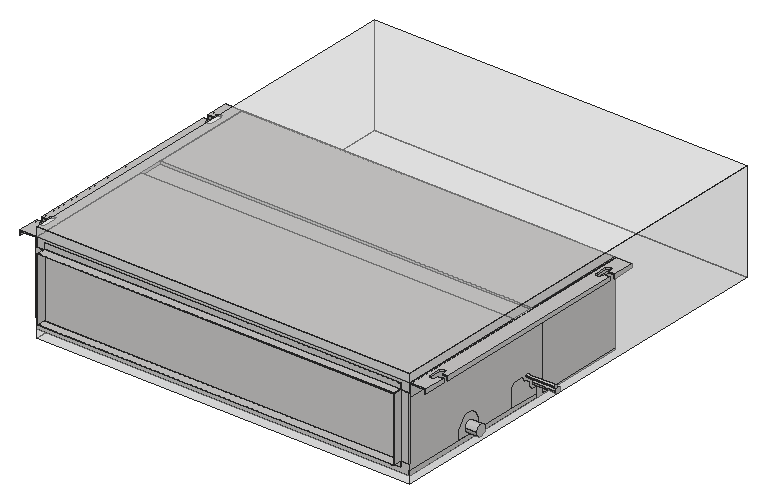
Revit family "outputfile", category 機械設備, Revit 2024
Family settings
  丸型コネクタ寸法 = 半径を使用
  パーツ タイプ = 標準
  OmniClass 番号 = 23.75.10.24.21.27.27
  OmniClass タイトル = Split System Air Conditioning Units
  作業面ベース = いいえ
  常に垂直 = はい
  ロード時にボイドで切り取り = いいえ
  注釈の向きを維持 = いいえ
  共有 = いいえ
  部屋計算ポイント = はい
Parameters (values of type "FDLF18EV2S")
  書き出し IFC クラス(タイプ) = "IfcUnitaryEquipmentType"
  定義済み IFC タイプ(タイプ) = "AIRCONDITIONINGUNIT"
  switch_frequency = yes
  ld_powersupply = Depth / 2  # 310 mm
  connector_voltage = Voltage_50Hz  # 220 V
  connector_powerinput = [Power Input (Cooling)]  # 1.680 kW
  connector_phase = Phase_50Hz  # 1
  angle_liquidpipe [instance] = if(Right Connection_refrigerant, 90.00°, 270.00°)  # 90.00°
  angle_gaspipe [instance] = if(Right Connection_refrigerant, 90.00°, 270.00°)  # 90.00°
  angle_drainpipe [instance] = if(Right Connection_refrigerant, 90.00°, 270.00°)  # 90.00°
  Right Connection_refrigerant [instance] = yes
  製造元 = "Daikin"
  モデル = "FDLF18EV2S"
  r_Liquid Pipe Size = Liquid Pipe Size / 2  # 3.2 mm
  r_Gas Pipe Size = Gas Pipe Size / 2  # 6.35 mm
  r_Drain Pipe Size = Drain Pipe Size / 2  # 12.5 mm
  lw_powersupply = 50 mm  # constant formula
  lw_ductflange2 = 803 mm
  lw_Width = 860 mm
  lh_suctionflange [instance] = 100 mm  # constant formula
  ld_suctionflange [instance] = if(Rear Connection_Return Air, 190.25 mm, 100.25 mm)  # 190.25 mm
  angle_vertical_RA [instance] = if(Rear Connection_Return Air, 90.00°, 0.00°)  # 90.00°
  angle horizontal_RA [instance] = if(Rear Connection_Return Air, 180.00°, 270.00°)  # 180.00°
  Voltage_comment_50Hz = "220 - 240"
  Voltage_50Hz = 220 V
  Supply Air Direction [instance] = yes
  Rear Connection_Return Air [instance] = not(Bottom Connection_Return Air)  # yes
  RA_length [instance] = if(Rear Connection_Return Air, 190.25 mm, 100 mm)  # 190.25 mm
  Phase_50Hz = 1
  Minimum External Static Pressure = 15.00 Pa
  Maximum External Static Pressure = 38.00 Pa
  Material_Casing = DAIKIN_GalvanizedSteel_Casing_indoorunit
  lw_liquidpipe = 521 mm
  lw_gaspipe = 508 mm
  lw_mountinghole = 940 mm
  lw_drainpipe = 480 mm
  lh_powersupply = 150 mm  # constant formula
  lh_liquidpipe = 138 mm  # constant formula
  lh_gaspipe = 160 mm  # constant formula
  lh_mountinghole = Height  # 200 mm
  lh_drainpipe = 170 mm  # constant formula
  lh_antena = 1 mm  # constant formula
  ld_liquidpipe = 353 mm  # constant formula
  ld_gaspipe = 375 mm  # constant formula
  ld_mountinghole = 500 mm  # constant formula
  ld_drainpipe = 178 mm  # constant formula
  ld_controlbox = 626 mm  # constant formula
  h*** = 0 mm  # constant formula
  d_dischargeflange = 21.2 mm  # constant formula
  Width = 900 mm
  Version = "ver.1.0"
  Unit Type = "Duct"
  Unit Mass Weight = 28.00 kg
  Unit Designation [instance] = ""
  Uniclass2015Version = "Products v1.30"
  Uniclass2015Title = "Split coil room air conditioning units"
  Uniclass2015Code = "Pr_70_65_03_86"
  Total Cooling Capacity [instance] = 0.000 kW
  Sound Pressure Level_M speed (dBA) = 33
  Sound Pressure Level_L speed (dBA) = 30
  Sound Pressure Level_H speed (dBA) = 37
  Series = "SkyAir_Fan Coil Unit"
  Sensible Cooling Capacity [instance] = 0.000 kW
  SA Duct Size Width = 860 mm
  SA Duct Size Height = 153 mm
  Refrigerant Type = "R32"
  RA Duct Size Width = 761 mm
  RA Duct Size Height = 160 mm
  Power Input (Cooling) = 1.680 kW
  Option Accessory 3 [instance] = ""
  Option Accessory 2 [instance] = ""
  Option Accessory 1 [instance] = ""
  Nominal Cooling Capacity = 5.300 kW
  Minimum Airflow = 720.00 m³/h
  Median Airflow = 840.00 m³/h
  Maximum Airflow = 960.00 m³/h
  Load Classification = HVAC
  Liquid Pipe Size = 6.4 mm
  Link_Nested Family [instance] = ""
  Left Connection_refrigerant [instance] = not(Right Connection_refrigerant)  # no
  IfcVersion = ""
  IfcExportType = "AIRCONDITIONINGUNIT"
  IfcExportAs = "IfcUnitaryEquipmentType"
  Height = 200 mm
  Heat Exchanger Type = "Cross Fin Coil"
  Gas Pipe Size = 12.7 mm
  Frequency_50Hz = 50 Hz
  Fan Type = "Sirocco Fan"
  Fan Drive = "Direct Drive"
  FCU Tag No. [instance] = ""
  Drain Pipe Size = 25.0 mm
  Design Supply Airflow [instance] = 0.00 m³/h
  Design Return Airflow [instance] = 0.00 m³/h
  Design External Static Pressure [instance] = 0.00 Pa
  Depth = 620 mm
  既定の高さ = 0 mm
  Cooling Entering Wet Bulb Temperature [instance] = 0.00 °C
  Cooling Entering Dry Bulb Temperature [instance] = 0.00 °C
  Cooling Ambient Wet Bulb Temperature [instance] = 0.00 °C
  Cooling Ambient Dry Bulb Temperature [instance] = 0.00 °C
  Clearance visibility [instance] = yes
  Clearance Top = 20 mm
  Clearance Right = 0 mm
  Clearance Rear = 400 mm
  Clearance Left = 0 mm
  Clearance Front = 0 mm
  Clearance Bottom = 20 mm
  Bottom Connection_Return Air [instance] = no
Reference planes
  plane 1 "Center (Front/Back)": y = 0
  plane 2: z = 0
  plane 3 "Center (Left/Right)": x = 0
  plane 4 "Back": y = 310
  plane 5 "Front": y = -310
  plane 6 "Left": x = -450
  plane 7 "Right": x = 450
  plane 8 "Top": z = 0
  plane 9 "Bottom": z = -200
  plane 10: x = -470
  plane 11: x = 470
  plane 12: y = 250
  plane 13: z = 0
  plane 14 "Clearance Left": x = -450
  plane 15 "Clearance Right": x = 450
  plane 16 "Clearance Rear": y = 710
  plane 17 "Clearance Front": y = -310
  plane 18 "Clearance Top": z = 20
  plane 19 "Clearance Bottom": z = -220
  plane 20: y = -250
  plane 21: z = -21
  plane 22: z = -97.5
  plane 23: x = -48.5
  plane 24: y = 119.75
  plane 25: z = -100
  plane 26: y = 65
  plane 27: z = -160
  plane 28: y = 43
  plane 29: z = -138
  plane 30: y = -132
  plane 31: z = -170
  plane 32: x = 508
  plane 33: x = 521
  plane 34: x = 480
  plane 35: x = 400
  plane 36: z = -150
  plane 37: x = -480
  plane 38: x = -521
  plane 39: x = -508
Forms (mm)
  Extrusion 1, solid, material "DAIKIN_GalvanizedSteel_Casing_indoorunit" <- "Material_Casing"
    sketch origin (0, 0, 0) x (1, 0, 0) y (0, 1, 0)
      loop
        line (-450, -310) -> (450, -310) -> (450, 310) -> (-450, 310) -> (-450, -310)
    from -200 to 0
  Extrusion 2, void
    sketch origin (0, 0, 1) x (1, 0, 0) y (0, 1, 0)
      loop
        line (-450, 61.5) -> (-450, 3.5) -> (450, 3.5) -> (450, 61.5) -> (-450, 61.5)
    from -1 to -7
  Extrusion 3, solid, material "DAIKIN_GalvanizedSteel_Casing_indoorunit" <- "Material_Casing", visible <- "Bottom Connection_Return Air"
    sketch origin (0, 0, 0) x (1, 0, 0) y (0, 0, 1)
      loop
        line (352, -199.25) -> (352, -0.75) -> (-449, -0.75) -> (-449, -199.25) -> (352, -199.25)
    from -310 to -309
  Extrusion 4, solid, material "DAIKIN_GalvanizedSteel_Casing_indoorunit" <- "Material_Casing", visible <- "Rear Connection_Return Air"
    sketch origin (0, 0, 0) x (1, 0, 0) y (0, 1, 0)
      loop
        line (-449, 309) -> (-449, 110.5) -> (352, 110.5) -> (352, 309) -> (-449, 309)
    from -200 to -199
  Extrusion 5, solid, material "DAIKIN_GalvanizedSteel_Casing_indoorunit" <- "Material_Casing", visible <- "Right Connection_refrigerant"
    sketch origin (450, 0, 0) x (0, 1, 0) y (0, 0, 1)
      loop
        circle (65, -160) r 6.35
    from 0 to 58
  Extrusion 6, solid, material "DAIKIN_GalvanizedSteel_Casing_indoorunit" <- "Material_Casing", visible <- "Right Connection_refrigerant"
    sketch origin (450, 0, 0) x (0, 1, 0) y (0, 0, 1)
      loop
        circle (43, -138) r 3.2
    from 0 to 71
  Extrusion 7, solid, material "DAIKIN_GalvanizedSteel_Casing_indoorunit" <- "Material_Casing", visible <- "Right Connection_refrigerant"
    sketch origin (450, 0, 0) x (0, 1, 0) y (0, 0, 1)
      loop
        line (-310, -200) -> (70, -200) -> (70, -190) -> (-310, -190) -> (-310, -200)
    from 0 to -1
  Extrusion 8, solid, material "DAIKIN_GalvanizedSteel_Casing_indoorunit" <- "Material_Casing", visible <- "Right Connection_refrigerant"
    sketch origin (450, 0, 0) x (0, 1, 0) y (0, 0, 1)
      loop
        arc (96, -27.5) -> (93.879, -28.379) -> (93, -30.5) r 3
        line (93, -30.5) -> (93, -194.5)
        arc (93, -194.5) -> (93.879, -196.621) -> (96, -197.5) r 3
        line (96, -197.5) -> (310, -197.5) -> (310, -27.5) -> (96, -27.5)
    from 0 to -1
  Extrusion 9, solid, material "DAIKIN_GalvanizedSteel_Casing_indoorunit" <- "Material_Casing", visible <- "Right Connection_refrigerant"
    sketch origin (450, 0, 0) x (0, 1, 0) y (0, 0, 1)
      loop
        arc (-104, -170) -> (-132, -142) -> (-160, -170) r 28
        line (-160, -170) -> (-160, -190) -> (-104, -190) -> (-104, -170)
    from 0 to -1
  Extrusion 10, solid, material "DAIKIN_GalvanizedSteel_Casing_indoorunit" <- "Material_Casing", visible <- "Right Connection_refrigerant"
    sketch origin (450, 0, 0) x (0, 1, 0) y (0, 0, 1)
      loop
        line (70, -190) -> (70, -174.671)
        arc (70, -174.671) -> (54.678, -171.563) -> (49.857, -156.691) r 15.5
        line (49.857, -156.691) -> (43.472, -150.991)
        arc (43.472, -150.991) -> (34.343, -147.698) -> (30.039, -139) r 13
        line (30.039, -139) -> (2, -139)
        arc (2, -139) -> (-0.121, -139.879) -> (-1, -142) r 3
        line (-1, -142) -> (-1, -190) -> (70, -190)
    from 0 to -1
  Extrusion 11, solid, material "DAIKIN_GalvanizedSteel_Casing_indoorunit" <- "Material_Casing", visible <- "Left Connection_refrigerant"
    sketch origin (-450, 0, 0) x (0, 1, 0) y (0, 0, 1)
      loop
        line (-310, -200) -> (70, -200) -> (70, -190) -> (-310, -190) -> (-310, -200)
    from 0 to -1
  Extrusion 12, solid, material "DAIKIN_GalvanizedSteel_Casing_indoorunit" <- "Material_Casing", visible <- "Left Connection_refrigerant"
    sketch origin (-450, 0, 0) x (0, 1, 0) y (0, 0, 1)
      loop
        arc (96, -27.5) -> (93.879, -28.379) -> (93, -30.5) r 3
        line (93, -30.5) -> (93, -194.5)
        arc (93, -194.5) -> (93.879, -196.621) -> (96, -197.5) r 3
        line (96, -197.5) -> (310, -197.5) -> (310, -27.5) -> (96, -27.5)
    from 0 to -1
  Extrusion 13, solid, material "DAIKIN_GalvanizedSteel_Casing_indoorunit" <- "Material_Casing", visible <- "Left Connection_refrigerant"
    sketch origin (-450, 0, 0) x (0, 1, 0) y (0, 0, 1)
      loop
        arc (-104, -170) -> (-132, -142) -> (-160, -170) r 28
        line (-160, -170) -> (-160, -190) -> (-104, -190) -> (-104, -170)
    from 0 to -1
  Extrusion 14, solid, material "DAIKIN_GalvanizedSteel_Casing_indoorunit" <- "Material_Casing", visible <- "Left Connection_refrigerant"
    sketch origin (-450, 0, 0) x (0, 1, 0) y (0, 0, 1)
      loop
        line (70, -190) -> (70, -174.671)
        arc (70, -174.671) -> (54.678, -171.563) -> (49.857, -156.691) r 15.5
        line (49.857, -156.691) -> (43.472, -150.991)
        arc (43.472, -150.991) -> (34.343, -147.698) -> (30.039, -139) r 13
        line (30.039, -139) -> (2, -139)
        arc (2, -139) -> (-0.121, -139.879) -> (-1, -142) r 3
        line (-1, -142) -> (-1, -190) -> (70, -190)
    from 0 to -1
  Extrusion 15, solid, material "DAIKIN_GalvanizedSteel_Casing_indoorunit" <- "Material_Casing", visible <- "Left Connection_refrigerant"
    sketch origin (-450, 0, 0) x (0, 1, 0) y (0, 0, 1)
      loop
        circle (43, -138) r 3.2
    from -71 to 0
  Extrusion 16, solid, material "DAIKIN_GalvanizedSteel_Casing_indoorunit" <- "Material_Casing", visible <- "Left Connection_refrigerant"
    sketch origin (-450, 0, 0) x (0, 1, 0) y (0, 0, 1)
      loop
        circle (65, -160) r 6.35
    from -58 to 0
  Extrusion 17, solid, material "DAIKIN_GalvanizedSteel_Casing_indoorunit" <- "Material_Casing", visible <- "Left Connection_refrigerant"
    sketch origin (-450, 0, 0) x (0, 1, 0) y (0, 0, 1)
      loop
        circle (-132, -170) r 12.5
    from -30 to 0
  Extrusion 18, solid, material "DAIKIN_GalvanizedSteel_Casing_indoorunit" <- "Material_Casing", visible <- "Right Connection_refrigerant"
    sketch origin (450, 0, 0) x (0, 1, 0) y (0, 0, 1)
      loop
        circle (-132, -170) r 12.5
    from 0 to 30
Cuts and joins
  Extrusion 2 cuts Extrusion 1
Dimensions and locks
  "Height": plane 8 "Top" to plane 9 "Bottom"
  equal spacing: plane 10, plane 3 "Center (Left/Right)", plane 11
  "lw_mountinghole": plane 10 to plane 11
  equal spacing: plane 6 "Left", plane 3 "Center (Left/Right)", plane 7 "Right"
  "Width": plane 6 "Left" to plane 7 "Right"
  "Clearance Right": plane 7 "Right" to plane 15 "Clearance Right"
  "Clearance Left": plane 14 "Clearance Left" to plane 6 "Left"
  "Clearance Rear": plane 16 "Clearance Rear" to plane 4 "Back"
  "Clearance Front": plane 5 "Front" to plane 17 "Clearance Front"
  "Clearance Top": plane 18 "Clearance Top" to plane 8 "Top"
  "Clearance Bottom": plane 9 "Bottom" to plane 19 "Clearance Bottom"
  "Depth": plane 4 "Back" to plane 5 "Front"
  equal spacing: plane 4 "Back", plane 1 "Center (Front/Back)", plane 5 "Front"
  Extrusion 3 sketch curve to Extrusion 3 sketch curve = 198.5 mm
  locked: plane 20 to plane 5 "Front" at 60
  "ld_mountinghole": plane 12 to plane 20
  locked: plane 8 "Top" to plane 21 at 21
  locked: plane 23 to plane 3 "Center (Left/Right)" at 48.5
  "ld_suctionflange": plane 4 "Back" to plane 24
  "lh_suctionflange": plane 8 "Top" to plane 25
  "ld_gaspipe": plane 26 to plane 5 "Front"
  "lh_gaspipe": plane 8 "Top" to plane 27
  "ld_liquidpipe": plane 28 to plane 5 "Front"
  "lh_liquidpipe": plane 8 "Top" to plane 29
  "ld_drainpipe": plane 30 to plane 5 "Front"
  "lh_drainpipe": plane 8 "Top" to plane 31
  "lw_powersupply": plane 35 to plane 7 "Right"
  "lh_powersupply": plane 8 "Top" to plane 36
  "lw_gaspipe": plane 3 "Center (Left/Right)" to plane 32
  "lw_liquidpipe": plane 3 "Center (Left/Right)" to plane 33
  "lw_drainpipe": plane 3 "Center (Left/Right)" to plane 34
  "lw_liquidpipe": plane 38 to plane 3 "Center (Left/Right)"
  "lw_gaspipe": plane 39 to plane 3 "Center (Left/Right)"
  "lw_drainpipe": plane 37 to plane 3 "Center (Left/Right)"
  "r_Gas Pipe Size": radius of Extrusion 5 sketch curve
  "r_Liquid Pipe Size": radius of Extrusion 6 sketch curve
  "r_Liquid Pipe Size": radius of Extrusion 15 sketch curve
  "r_Gas Pipe Size": radius of Extrusion 16 sketch curve
  "r_Drain Pipe Size": radius of Extrusion 17 sketch curve
  "r_Drain Pipe Size": radius of Extrusion 18 sketch curve
  aligned and locked: level to plane 2
  aligned and locked: Extrusion 1 to plane 9 "Bottom"
  aligned and locked: plane 8 "Top" to Extrusion 1
  aligned and locked: plane 11 to nested 2
  aligned and locked: plane 10 to nested 3
  aligned and locked: plane 10 to nested 4
  aligned and locked: plane 8 "Top" to Extrusion 2
  aligned and locked: plane 9 "Bottom" to Extrusion 4  (x2)
  aligned and locked: plane 7 "Right" to cut or joined group of Extrusion 1, Extrusion 2  (x2)
  aligned and locked: plane 3 "Center (Left/Right)" to nested 9
  aligned and locked: plane 6 "Left" to nested 7
  aligned and locked: plane 8 "Top" to nested 9
  aligned and locked: plane 11 to nested 1
  aligned and locked: nested 6 to plane 1 "Center (Front/Back)"
  aligned and locked: plane 3 "Center (Left/Right)" to nested 6
  aligned and locked: level to plane 8 "Top"
  aligned and locked: plane 1 "Center (Front/Back)" to nested 9
  aligned and locked: plane 5 "Front" to nested 10
  aligned and locked: Extrusion 1 sketch curve to plane 5 "Front"
  aligned and locked: plane 21 to nested 10
  aligned and locked: nested 5 to plane 5 "Front"
  aligned and locked: plane 3 "Center (Left/Right)" to nested 5
  aligned and locked: plane 22 to nested 5
  aligned and locked: Extrusion 2 sketch curve to plane 6 "Left"
  aligned and locked: plane 7 "Right" to Extrusion 2 sketch curve
  aligned and locked: nested 11 to plane 23
  aligned and locked: nested 11 to plane 24
  aligned and locked: plane 27 to Extrusion 5 sketch curve
  aligned and locked: plane 26 to Extrusion 5 sketch curve
  aligned and locked: plane 28 to Extrusion 6 sketch curve
  aligned and locked: plane 29 to Extrusion 6 sketch curve
  aligned and locked: plane 32 to Extrusion 5
  aligned and locked: plane 33 to Extrusion 6
  aligned and locked: Extrusion 7 sketch curve to plane 9 "Bottom"
  aligned and locked: Extrusion 7 sketch curve to plane 5 "Front"
  aligned and locked: plane 14 "Clearance Left" to nested 12
  aligned and locked: plane 15 "Clearance Right" to nested 12
  aligned and locked: plane 16 "Clearance Rear" to nested 12
  aligned and locked: nested 12 to plane 17 "Clearance Front"
  aligned and locked: nested 12 to plane 18 "Clearance Top"
  aligned and locked: nested 12 to plane 19 "Clearance Bottom"
  aligned and locked: nested 13 to plane 35
  aligned and locked: nested 13 to plane 36
  aligned and locked: plane 4 "Back" to nested 13
  aligned and locked: nested 14 to plane 26
  aligned and locked: plane 3 "Center (Left/Right)" to nested 14
  aligned and locked: nested 14 to plane 27
  aligned and locked: nested 15 to plane 28
  aligned and locked: plane 3 "Center (Left/Right)" to nested 15
  aligned and locked: nested 15 to plane 29
  aligned and locked: nested 16 to plane 30
  aligned and locked: plane 3 "Center (Left/Right)" to nested 16
  aligned and locked: nested 16 to plane 31
  aligned and locked: plane 29 to Extrusion 15 sketch curve
  aligned and locked: plane 28 to Extrusion 15 sketch curve
  aligned and locked: Extrusion 15 to plane 38
  aligned and locked: plane 6 "Left" to Extrusion 15
  aligned and locked: plane 26 to Extrusion 16 sketch curve
  aligned and locked: plane 27 to Extrusion 16 sketch curve
  aligned and locked: Extrusion 16 to plane 39
  aligned and locked: plane 6 "Left" to Extrusion 16
  aligned and locked: plane 30 to Extrusion 17 sketch curve
  aligned and locked: Extrusion 17 to plane 37
  aligned and locked: plane 6 "Left" to Extrusion 17
  aligned and locked: Extrusion 5 to plane 7 "Right"
  aligned and locked: Extrusion 6 to plane 7 "Right"
  aligned and locked: plane 30 to Extrusion 18 sketch curve
  aligned and locked: plane 31 to Extrusion 18 sketch curve
  aligned and locked: plane 34 to Extrusion 18
  aligned and locked: Extrusion 18 to plane 7 "Right"
Automatic sketch dimensions
  Extrusion 1 sketch curve to plane 4 "Back" = 0 mm
  Extrusion 1 sketch curve to plane 6 "Left" = 0 mm
  Extrusion 1 sketch curve to plane 7 "Right" = 0 mm
  Extrusion 2 sketch curve to plane 1 "Center (Front/Back)" = 3.5 mm
  Extrusion 2 sketch curve to plane 26 = 3.5 mm
  plane 9 "Bottom" to Extrusion 3 sketch curve = 0.75 mm
  plane 6 "Left" to Extrusion 3 sketch curve = 1 mm
  Extrusion 3 sketch curve to plane 35 = 48 mm
  Extrusion 4 sketch curve to plane 4 "Back" = 1 mm
  plane 6 "Left" to Extrusion 4 sketch curve = 1 mm
  Extrusion 4 sketch curve to plane 35 = 48 mm
  Extrusion 4 sketch curve to plane 24 = 9.25 mm
  plane 26 to Extrusion 7 sketch curve = 5 mm
  Extrusion 7 sketch curve to Extrusion 7 sketch curve = 10 mm
  Extrusion 8 sketch curve to plane 21 = 9.5 mm
  Extrusion 8 sketch curve to plane 24 = 23.75 mm  (x2)
  plane 9 "Bottom" to Extrusion 8 sketch curve = 5.5 mm
  Extrusion 8 sketch curve to Extrusion 8 sketch curve = 3 mm
  Extrusion 9 sketch curve to plane 31 = 0 mm
  Extrusion 9 sketch curve to plane 30 = 0 mm
  plane 9 "Bottom" to Extrusion 9 sketch curve = 10 mm
  Extrusion 9 sketch curve to plane 30 = 28 mm
  Extrusion 10 sketch curve to plane 28 = 0 mm
  Extrusion 10 sketch curve to plane 26 = 0 mm
  Extrusion 10 sketch curve to plane 27 = 0 mm
  Extrusion 10 sketch curve to plane 29 = 0 mm
  Extrusion 10 sketch curve to plane 29 = 1 mm
  Extrusion 10 sketch curve to plane 28 = 12.961 mm
  Extrusion 10 sketch curve to plane 1 "Center (Front/Back)" = 2 mm
  plane 1 "Center (Front/Back)" to Extrusion 10 sketch curve = 1 mm
  plane 28 to Extrusion 10 sketch curve = 0.472 mm
  plane 27 to Extrusion 10 sketch curve = 3.309 mm
  plane 28 to Extrusion 10 sketch curve = 6.857 mm
  plane 26 to Extrusion 10 sketch curve = 5 mm
  plane 9 "Bottom" to Extrusion 10 sketch curve = 10 mm
  Extrusion 8 sketch curve to plane 4 "Back" = 0 mm
  Extrusion 17 sketch curve to plane 31 = 0 mm
  Extrusion 12 sketch curve to plane 4 "Back" = 0 mm
  plane 9 "Bottom" to Extrusion 12 sketch curve = 5.5 mm
  Extrusion 12 sketch curve to plane 24 = 23.75 mm  (x2)
  Extrusion 12 sketch curve to plane 21 = 6.5 mm
  Extrusion 12 sketch curve to Extrusion 12 sketch curve = 3 mm
  Extrusion 14 sketch curve to plane 28 = 0 mm
  Extrusion 14 sketch curve to plane 26 = 0 mm
  Extrusion 14 sketch curve to plane 27 = 0 mm
  Extrusion 14 sketch curve to plane 29 = 0 mm
  Extrusion 14 sketch curve to plane 29 = 1 mm
  Extrusion 14 sketch curve to plane 28 = 12.961 mm
  Extrusion 14 sketch curve to plane 1 "Center (Front/Back)" = 2 mm
  plane 1 "Center (Front/Back)" to Extrusion 14 sketch curve = 1 mm
  plane 28 to Extrusion 14 sketch curve = 0.472 mm
  plane 27 to Extrusion 14 sketch curve = 3.309 mm
  plane 28 to Extrusion 14 sketch curve = 6.857 mm
  plane 26 to Extrusion 14 sketch curve = 5 mm
  plane 9 "Bottom" to Extrusion 14 sketch curve = 10 mm
  Extrusion 11 sketch curve to plane 5 "Front" = 0 mm
  Extrusion 11 sketch curve to plane 9 "Bottom" = 0 mm
  plane 26 to Extrusion 11 sketch curve = 5 mm
  Extrusion 11 sketch curve to Extrusion 11 sketch curve = 10 mm
  Extrusion 13 sketch curve to plane 31 = 0 mm
  Extrusion 13 sketch curve to plane 30 = 0 mm
  plane 9 "Bottom" to Extrusion 13 sketch curve = 10 mm
  Extrusion 13 sketch curve to plane 30 = 28 mm
Nested families
  nested 1: "daikin_mountinghole" at (470, 250, -200), l_antenna <- "lh_antena", Link_Nested Family <- "Link_Nested Family", h_mountinghole <- "lh_mountinghole", type "daikin_mountinghole"
    with show yes, l_antenna 1 mm, h_mountinghole 200 mm, Link_Nested Family ""
  nested 2: "daikin_mountinghole" at (470, -250, -200), Link_Nested Family <- "Link_Nested Family", l_antenna <- "lh_antena", h_mountinghole <- "lh_mountinghole", type "daikin_mountinghole"
    with show yes, l_antenna 1 mm, h_mountinghole 200 mm, Link_Nested Family ""
  nested 3: "daikin_mountinghole" at (-470, -250, -200), l_antenna <- "lh_antena", Link_Nested Family <- "Link_Nested Family", h_mountinghole <- "lh_mountinghole", type "daikin_mountinghole"
    with show yes, l_antenna 1 mm, h_mountinghole 200 mm, Link_Nested Family ""
  nested 4: "daikin_mountinghole" at (-470, 250, -200), l_antenna <- "lh_antena", Link_Nested Family <- "Link_Nested Family", h_mountinghole <- "lh_mountinghole", type "daikin_mountinghole"
    with show yes, l_antenna 1 mm, h_mountinghole 200 mm, Link_Nested Family ""
  nested 5: "daikin_connector_rotate2" at (0, -310, -97.5), length <- "d_dischargeflange", type "daikin_connector_rotate2"
    with radius 10 mm, length 21.2 mm, angle_vertical 90.00°, show_face no
  nested 6: "daikin_△_symbolicline" at (-75, -129.904, 200) x (-0.5, 0.866, 0) z (0, 0, 1), built-in parameter 1001364 <- "Height", visible <- "Supply Air Direction", type "daikin_△_symbolicline"
    with length 300 mm
  nested 7: "daikin_ductflange_FDLF-EV2S_1" at (-48.5, 310, -100), visible <- "Rear Connection_Return Air", material <- "Material_Casing", width <- "lw_ductflange2", type "daikin_ductflange_FDLF-EV2S_1"
    with width 803 mm, material DAIKIN_GalvanizedSteel_Casing_indoorunit, height 180 mm, depth 21.2 mm
  nested 8: "daikin_ductflange_FDLF-EV2S_1" at (-48.5, 209.75, -200) x (1, 0, 0) z (0, 1, 0), visible <- "Bottom Connection_Return Air", material <- "Material_Casing", width <- "lw_ductflange2", type "daikin_ductflange_FDLF-EV2S_1"
    with width 803 mm, material DAIKIN_GalvanizedSteel_Casing_indoorunit, height 180 mm, depth 21.2 mm
  nested 9: "daikin_hangerfixture_FDLF-EV2S" at (0, 0, 0), type "daikin_hangerfixture_FDLF-EV2S"
  nested 10: "daikin_ductflange_FDLF-EV2S" at (0, 3.5, -364.201), width <- "lw_Width", material <- "Material_Casing", type "daikin_ductflange_FDLF-EV2S"
    with width 860 mm, material DAIKIN_GalvanizedSteel_Casing_indoorunit, height 155 mm, depth 21.2 mm
  nested 11: "daikin_connector_rotate3" at (-48.5, 119.75, -100), length <- "RA_length", angle_vertical <- "angle_vertical_RA", angle_horizontal <- "angle horizontal_RA", type "daikin_connector_rotate3"
    with show no, radius 10 mm, length 190.25 mm, angle_vertical 90.00°, angle_horizontal 180.00°
  nested 12: "daikin_clearancespace" at (0, 200, -99.881), visible <- "Clearance visibility", Link_Nested Family <- "Link_Nested Family", show <- "Clearance visibility", type "daikin_clearancespace"
    with width 900 mm, show yes, height 240 mm, depth 1020 mm, Link_Nested Family ""
  nested 13: "daikin_connector_rotate2" at (400, 0, -150) x (-1, 0, 0) z (0, 0, 1), length <- "ld_powersupply", type "daikin_connector_rotate2"
    with radius 10 mm, length 310 mm, angle_vertical 90.00°, show_face no
  nested 14: "daikin_connector_rotate3" at (0, 65, -160), angle_vertical <- "angle_gaspipe", radius <- "r_Gas Pipe Size", length <- "lw_gaspipe", type "daikin_connector_rotate3"
    with show no, radius 6.35 mm, length 508 mm, angle_vertical 90.00°, angle_horizontal 90.00°
  nested 15: "daikin_connector_rotate3" at (0, 43, -138), angle_vertical <- "angle_liquidpipe", length <- "lw_liquidpipe", radius <- "r_Liquid Pipe Size", type "daikin_connector_rotate3"
    with show no, radius 3.2 mm, length 521 mm, angle_vertical 90.00°, angle_horizontal 90.00°
  nested 16: "daikin_connector_rotate3" at (0, -132, -170), angle_vertical <- "angle_drainpipe", length <- "lw_drainpipe", radius <- "r_Drain Pipe Size", type "daikin_connector_rotate3"
    with show no, radius 12.5 mm, length 480 mm, angle_vertical 90.00°, angle_horizontal 90.00°
Connectors
  hvac at (0, -331.2, -97.5), driven by "SA Duct Size Height", driven by "SA Duct Size Width"
    settings: on nested 5, index 1, duct flow 0.00 m³/h, flow factor 0, pres drop 0.00 Pa, loss coef 0, conn angle 0.00°, conn width 860.0 mm, conn height 153.0 mm, conn diameter 609.6 mm, duct sys type 1, conn prof type 1, flow config 0, flow direction 2, loss method 4, conn ref index -1, conn util no, is conn primary yes, conn desc "SA Duct"
  hvac at (-48.5, 310, -100), driven by "RA Duct Size Height", driven by "RA Duct Size Width"
    settings: on nested 11, index 2, duct flow 0.00 m³/h, flow factor 0, pres drop 0.00 Pa, loss coef 0, conn angle 0.00°, conn width 761.0 mm, conn height 160.0 mm, conn diameter 609.6 mm, duct sys type 2, conn prof type 1, flow config 0, flow direction 1, loss method 4, conn ref index -1, conn util no, is conn primary no, conn desc "RA Duct"
  electrical at (400, 310, -150), driven by "Load Classification", driven by "connector_powerinput", driven by "connector_phase", driven by "connector_voltage"
    settings: on nested 13, index 6, voltage 220 V, apparent load 1680 VA, apparent load phase1 0 VA, apparent load phase2 0 VA, apparent load phase3 0 VA, power factor 1, load classification "HVAC", number of poles 1, system type 30, power factor state 1, is connector primary yes, connector utility no, sub classification motor no, connector description "Power Supply"
  piping at (508, 65, -160), diameter 12.7, driven by "r_Gas Pipe Size"
    settings: on nested 14, index 7, connector inside diameter 609.6 mm, connector length 0 mm, flow factor 0, pipe flow 0.00 m³/h, pressure drop 0.0 Pa, fitting loss kfactor 0, connector angle 0.00°, fixture units 0, engagement length 0 mm, angle of deflection 0.00°, flow configuration 1, flow direction 2, fitting loss method 0, system type 29, joint type 0, gender type 0, connector reference index -1, connector utility 0, adjustable connector no, is connector primary yes, connector description "Refrigerant Gas Piping"
  piping at (521, 43, -138), diameter 6.4, driven by "r_Liquid Pipe Size"
    settings: on nested 15, index 8, connector inside diameter 609.6 mm, connector length 0 mm, flow factor 0, pipe flow 0.00 m³/h, pressure drop 0.0 Pa, fitting loss kfactor 0, connector angle 0.00°, fixture units 0, engagement length 0 mm, angle of deflection 0.00°, flow configuration 1, flow direction 1, fitting loss method 0, system type 29, joint type 0, gender type 0, connector reference index -1, connector utility 0, adjustable connector no, is connector primary no, connector description "Refrigerant Liquid Piping"
  piping at (480, -132, -170), diameter 25, driven by "r_Drain Pipe Size"
    settings: on nested 16, index 9, connector inside diameter 609.6 mm, connector length 0 mm, flow factor 0, pipe flow 0.00 m³/h, pressure drop 0.0 Pa, fitting loss kfactor 0, connector angle 0.00°, fixture units 0, engagement length 0 mm, angle of deflection 0.00°, flow configuration 1, flow direction 2, fitting loss method 4, system type 16, joint type 0, gender type 0, connector reference index -1, connector utility 0, adjustable connector no, is connector primary no, connector description "Condensate Drain Piping"
Definition of nested family "daikin_ductflange_FDLF-EV2S_1"
  Parameters (values of type "daikin_ductflange_FDLF-DV2S_1")
    width [instance] = 620 mm
    material [instance] = none
    height [instance] = 180 mm
    depth [instance] = 21.2 mm
    Default Elevation = 0 mm
  Reference planes
    plane 1 "Center (Front/Back)": y = 0
    plane 2: z = 0
    plane 3 "Center (Left/Right)": x = 0
    plane 4: x = -310
    plane 5: x = 310
    plane 6: z = 90
    plane 7: z = -90
    plane 8: z = 100.25
    plane 9: z = -100.25
    plane 10: x = -309
    plane 11: x = 309
  Forms (mm)
    Extrusion 1, solid, material <- "material"
      sketch origin (0, 0, 0) x (1, 0, 0) y (0, 0, 1)
        loop
          line (-289, 80) -> (-289, -80) -> (289, -80) -> (289, 80) -> (-289, 80)
        loop
          line (-309, -99.25) -> (309, -99.25) -> (309, 99.25) -> (-309, 99.25) -> (-309, -99.25)
      from 0 to 1
  Dimensions and locks
    equal spacing: plane 5, plane 3 "Center (Left/Right)", plane 4, locked at 310 each
    "width": plane 5 to plane 4
    plane 10 to plane 4 = 1 mm
    locked: plane 5 to plane 11 at 1
    locked: Extrusion 1 sketch curve to Extrusion 1 sketch curve at 20  (x2)
    plane 8 to Extrusion 1 sketch curve = 1 mm
    locked: Extrusion 1 sketch curve to plane 9 at 1
    aligned and locked: level to plane 2
  Automatic sketch dimensions
    plane 4 to Extrusion 1 sketch curve = 1 mm
    Extrusion 1 sketch curve to plane 5 = 1 mm
    Extrusion 1 sketch curve to plane 6 = 10 mm
    plane 7 to Extrusion 1 sketch curve = 10 mm
Definition of nested family "daikin_hangerfixture_FDLF-EV2S"
  Parameters (values of type "daikin_hangerfixture_FDLF-DV1")
    width = 900 mm
    material = none
    height = 30 mm
    depth = 620 mm
    Default Elevation = 0 mm
  Reference planes
    plane 1 "Center (Front/Back)": y = 0
    plane 2: z = 0
    plane 3 "Center (Left/Right)": x = 0
    plane 4: x = 450
    plane 5: y = 310
    plane 6: y = -310
    plane 7: x = -450
    plane 8: z = -30
  Forms (mm)
    Extrusion 1, solid, material <- "material"
      sketch origin (0, 0, 0) x (1, 0, 0) y (0, 0, 1)
        loop
          line (450, 0) -> (450, -30) -> (452.3, -30) -> (452.3, -2.3) -> (487.7, -2.3) -> (487.7, -10) -> (490, -10) -> (490, 0) -> (450, 0)
      from -310 to 310
    Extrusion 2, void
      sketch origin (0, 0, 0) x (0, 1, 0) y (0, 0, 1)
        loop
          line (310, -30) -> (310, -17.979) -> (87.935, -17.979) -> (75.914, -30) -> (310, -30)
      from -786.78 to 600.701
    Extrusion 3, void
      sketch origin (0, 0, 0) x (1, 0, 0) y (0, 1, 0)
        loop
          line (490, -244.5) -> (477, -244.5) -> (477, -238)
          arc (477, -238) -> (470, -231) -> (463, -238) r 7
          line (463, -238) -> (463, -264)
          arc (463, -264) -> (470, -271) -> (477, -264) r 7
          line (477, -264) -> (477, -257.5) -> (490, -257.5) -> (490, -244.5)
        loop
          line (490, 244.5) -> (490, 257.5) -> (477, 257.5) -> (477, 264)
          arc (477, 264) -> (470, 271) -> (463, 264) r 7
          line (463, 264) -> (463, 238)
          arc (463, 238) -> (470, 231) -> (477, 238) r 7
          line (477, 238) -> (477, 244.5) -> (490, 244.5)
      from -254.96 to 618
    Extrusion 4, solid, material <- "material"
      sketch origin (0, 0, 0) x (-1, 0, 0) y (0, 0, -1)
        loop
          line (450, 0) -> (490, 0) -> (490, 10) -> (487.7, 10) -> (487.7, 2.3) -> (452.3, 2.3) -> (452.3, 30) -> (450, 30) -> (450, 0)
      from -310 to 310
    Extrusion 5, void
      sketch origin (0, 0, 0) x (-1, 0, 0) y (0, -1, 0)
        loop
          line (490, 244.5) -> (490, 257.5) -> (477, 257.5) -> (477, 264)
          arc (477, 264) -> (470, 271) -> (463, 264) r 7
          line (463, 264) -> (463, 238)
          arc (463, 238) -> (470, 231) -> (477, 238) r 7
          line (477, 238) -> (477, 244.5) -> (490, 244.5)
        loop
          line (490, -244.5) -> (477, -244.5) -> (477, -238)
          arc (477, -238) -> (470, -231) -> (463, -238) r 7
          line (463, -238) -> (463, -264)
          arc (463, -264) -> (470, -271) -> (477, -264) r 7
          line (477, -264) -> (477, -257.5) -> (490, -257.5) -> (490, -244.5)
      from -254.96 to 618
  Cuts and joins
    Extrusion 2, Extrusion 3, Extrusion 5 cuts Extrusion 1
    Extrusion 2, Extrusion 5 cuts Extrusion 4
  Dimensions and locks
    equal spacing: plane 5, plane 1 "Center (Front/Back)", plane 6
    "depth": plane 5 to plane 6
    plane 6 to plane 1 "Center (Front/Back)" to plane 5 = 310 mm, 310 mm
    equal spacing: plane 4, plane 3 "Center (Left/Right)", plane 7
    "width": plane 4 to plane 7
    "height": level to plane 8
    aligned and locked: level to plane 2
    aligned and locked: plane 5 to Extrusion 1
    aligned and locked: Extrusion 1 to plane 6
    aligned and locked: Extrusion 1 to plane 4
    aligned and locked: plane 5 to cut or joined group of Extrusion 1, Extrusion 2, Extrusion 3, Extrusion 5
    aligned and locked: cut or joined group of Extrusion 1, Extrusion 2, Extrusion 3, Extrusion 5 to plane 6
    aligned and locked: level to cut or joined group of Extrusion 1, Extrusion 2, Extrusion 3, Extrusion 5
    aligned and locked: cut or joined group of Extrusion 1, Extrusion 2, Extrusion 3, Extrusion 5 to plane 8
    aligned and locked: plane 5 to cut or joined group of Extrusion 2, Extrusion 4, Extrusion 5
    aligned and locked: cut or joined group of Extrusion 2, Extrusion 4, Extrusion 5 to plane 6
  Automatic sketch dimensions
    Extrusion 1 sketch curve to plane 4 = 0 mm
    Extrusion 1 sketch curve to plane 8 = 0 mm
    Extrusion 1 sketch curve to level = 0 mm
    plane 4 to Extrusion 1 sketch curve = 2.3 mm
    Extrusion 1 sketch curve to level = 2.3 mm
    Extrusion 1 sketch curve to Extrusion 1 sketch curve = 35.4 mm
    Extrusion 1 sketch curve to Extrusion 1 sketch curve = 2.3 mm
    Extrusion 1 sketch curve to Extrusion 1 sketch curve = 7.7 mm
    Extrusion 2 sketch curve to plane 8 = 0 mm
    Extrusion 2 sketch curve to plane 5 = 0 mm
    plane 8 to Extrusion 2 sketch curve = 12.021 mm
    Extrusion 2 sketch curve to plane 1 "Center (Front/Back)" = 87.935 mm
    Extrusion 2 sketch curve to Extrusion 2 sketch curve = 12.021 mm
    plane 4 to Extrusion 3 sketch curve = 13 mm  (x2)
    Extrusion 3 sketch curve to Extrusion 3 sketch curve = 7 mm  (x4)
    Extrusion 3 sketch curve to Extrusion 3 sketch curve = 13 mm  (x4)
    plane 6 to Extrusion 3 sketch curve = 46 mm
    Extrusion 3 sketch curve to Extrusion 3 sketch curve = 6.5 mm  (x4)
    Extrusion 3 sketch curve to plane 5 = 72 mm
    Extrusion 4 sketch curve to plane 7 = 0 mm
    Extrusion 4 sketch curve to plane 8 = 0 mm
    Extrusion 4 sketch curve to level = 0 mm
    Extrusion 4 sketch curve to plane 7 = 2.3 mm
    Extrusion 4 sketch curve to level = 2.3 mm
    Extrusion 4 sketch curve to Extrusion 4 sketch curve = 35.4 mm
    Extrusion 4 sketch curve to Extrusion 4 sketch curve = 2.3 mm
    Extrusion 4 sketch curve to Extrusion 4 sketch curve = 7.7 mm
    Extrusion 5 sketch curve to plane 7 = 13 mm  (x2)
    Extrusion 5 sketch curve to Extrusion 5 sketch curve = 7 mm  (x4)
    Extrusion 5 sketch curve to Extrusion 5 sketch curve = 13 mm  (x4)
    Extrusion 5 sketch curve to plane 5 = 46 mm
    Extrusion 5 sketch curve to Extrusion 5 sketch curve = 6.5 mm  (x4)
    plane 6 to Extrusion 5 sketch curve = 72 mm
Definition of nested family "daikin_ductflange_FDLF-EV2S"
  Parameters (values of type "daikin_ductflange_FXDQ-NDVET")
    width [instance] = 660 mm
    material [instance] = none
    height [instance] = 155 mm
    depth [instance] = 21.2 mm
    Default Elevation = 0 mm
  Reference planes
    plane 1 "Center (Front/Back)": y = 0
    plane 2: z = 189.201
    plane 3 "Center (Left/Right)": x = 0
    plane 4: y = -313.5
    plane 5: x = -330
    plane 6: x = 330
    plane 7: y = -334.7
    plane 8: z = 344.201
    plane 9: z = 266.701
    plane 10: z = 343.201
    plane 11: z = 190.201
  Forms (mm)
    Extrusion 1, solid, material <- "material"
      sketch origin (0, 0, 189.201) x (1, 0, 0) y (0, 1, 0)
        loop
          line (-330, -334.7) -> (-330, -313.5) -> (-350, -313.5) -> (-350, -314.5) -> (-331, -314.5) -> (-331, -334.7) -> (-330, -334.7)
        loop
          line (330, -334.7) -> (331, -334.7) -> (331, -314.5) -> (350, -314.5) -> (350, -313.5) -> (330, -313.5) -> (330, -334.7)
      from 1 to 154
    Extrusion 2, solid, material <- "material"
      sketch origin (0, 0, 0) x (0, 1, 0) y (0, 0, 1)
        loop
          line (-313.5, 343.201) -> (-313.5, 358.201) -> (-314.5, 358.201) -> (-314.5, 344.201) -> (-334.7, 344.201) -> (-334.7, 343.201) -> (-313.5, 343.201)
        loop
          line (-313.5, 190.201) -> (-334.7, 190.201) -> (-334.7, 189.201) -> (-314.5, 189.201) -> (-314.5, 175.201) -> (-313.5, 175.201) -> (-313.5, 190.201)
      from -330 to 330
  Dimensions and locks
    plane 4 to plane 1 "Center (Front/Back)" = 313.5 mm
    "depth": plane 7 to plane 4
    equal spacing: plane 8, plane 9, level
    "height": plane 8 to level
    equal spacing: plane 6, plane 3 "Center (Left/Right)", plane 5
    "width": plane 6 to plane 5
    locked: plane 8 to plane 10 at 1
    locked: plane 11 to level at 1
    locked: Extrusion 1 to Extrusion 2 sketch curve at 1
    locked: Extrusion 2 sketch curve to Extrusion 1 at 1
    plane 10 to plane 11 = 153 mm
    aligned and locked: level to plane 2
    aligned and locked: Extrusion 2 to plane 5
    aligned and locked: Extrusion 2 to plane 11
    aligned and locked: Extrusion 2 to plane 10
    aligned and locked: plane 6 to Extrusion 2
    aligned and locked: plane 5 to Extrusion 2  (x2)
    aligned and locked: plane 5 to Extrusion 1  (x2)
    aligned and locked: Extrusion 1 to plane 6
    aligned and locked: plane 6 to Extrusion 1
    aligned and locked: Extrusion 1 to plane 10
  Automatic sketch dimensions
    Extrusion 2 sketch curve to plane 7 = 0 mm  (x2)
    Extrusion 2 sketch curve to plane 4 = 0 mm  (x2)
    Extrusion 2 sketch curve to plane 11 = 0 mm
    Extrusion 2 sketch curve to plane 10 = 0 mm
    Extrusion 2 sketch curve to plane 4 = 1 mm  (x2)
    Extrusion 2 sketch curve to level = 14 mm
    plane 8 to Extrusion 2 sketch curve = 14 mm
    Extrusion 1 sketch curve to plane 4 = 0 mm  (x2)
    Extrusion 1 sketch curve to plane 7 = 0 mm  (x2)
    Extrusion 1 sketch curve to plane 5 = 0 mm
    Extrusion 1 sketch curve to plane 6 = 0 mm
    Extrusion 1 sketch curve to plane 5 = 1 mm
    Extrusion 1 sketch curve to Extrusion 1 sketch curve = 19 mm  (x2)
    Extrusion 1 sketch curve to Extrusion 1 sketch curve = 1 mm
    Extrusion 1 sketch curve to plane 4 = 1 mm  (x2)
Definition of nested family "daikin_clearancespace"
  Parameters (values of type "daikin_clearancespace")
    Description = "daikin_clearancespace"
    width [instance] = 1823.963 mm
    show [instance] = yes
    material = none
    height [instance] = 1359.762 mm
    depth [instance] = 880 mm
    Default Elevation = 0 mm
    Link_Nested Family [instance] = ""
  Reference planes
    plane 1 "Center (Front/Back)": y = 0
    plane 2 "Center (Elevation)": z = -0.119
    plane 3 "Center (Left/Right)": x = 0
    plane 4: y = 440
    plane 5: y = -440
    plane 6 "Right": x = 911.982
    plane 7 "Left": x = -911.982
    plane 8 "Top": z = 679.762
    plane 9 "Bottom": z = -680
  Forms (mm)
    Extrusion 1, solid, material <- "material", visible <- "show"
      sketch origin (0, 0, 0) x (1, 0, 0) y (0, 1, 0)
        loop
          line (-911.982, 440) -> (-911.982, -440) -> (911.982, -440) -> (911.982, 440) -> (-911.982, 440)
      from -680 to 679.762
  Lines and regions (mm)
    symbolic lines, visible <- "show"
      curve 1: line (911.982, 440, 0) -> (-911.982, 440, 0)
      curve 2: line (-911.982, 440, 0) -> (-911.982, -440, 0)
      curve 3: line (-911.982, -440, 0) -> (911.982, -440, 0)
      curve 4: line (911.982, -440, 0) -> (911.982, 440, 0)
      curve 5: line (911.982, 0, 679.762) -> (-911.982, 0, 679.762)
      curve 6: line (911.982, 0, -680) -> (911.982, 0, 679.762)
      curve 7: line (-911.982, 0, -680) -> (911.982, 0, -680)
      curve 8: line (-911.982, 0, 679.762) -> (-911.982, 0, -680)
      curve 9: line (0, 440, 679.762) -> (0, -440, 679.762)
      curve 10: line (0, -440, 679.762) -> (0, -440, -680)
      curve 11: line (0, 440, -680) -> (0, 440, 679.762)
      curve 12: line (0, -440, -680) -> (0, 440, -680)
  Dimensions and locks
    "width": plane 7 "Left" to plane 6 "Right"
    "depth": plane 4 to plane 5
    "height": plane 8 "Top" to plane 9 "Bottom"
    equal spacing: plane 7 "Left", plane 3 "Center (Left/Right)", plane 6 "Right"
    equal spacing: plane 4, plane 1 "Center (Front/Back)", plane 5
    equal spacing: plane 8 "Top", plane 2 "Center (Elevation)", plane 9 "Bottom"
    aligned and locked: level to plane 2 "Center (Elevation)"
    aligned and locked: Extrusion 1 sketch curve to plane 4
    aligned and locked: plane 7 "Left" to Extrusion 1 sketch curve
    aligned and locked: Extrusion 1 sketch curve to plane 5
    aligned and locked: Extrusion 1 sketch curve to plane 6 "Right"
    aligned and locked: plane 8 "Top" to Extrusion 1
    aligned and locked: curve 1 to Extrusion 1
    aligned and locked: curve 2 to Extrusion 1
    aligned and locked: curve 3 to Extrusion 1
    aligned and locked: curve 4 to Extrusion 1
    aligned and locked: curve 5 to Extrusion 1
    aligned and locked: curve 6 to Extrusion 1
    aligned and locked: curve 7 to Extrusion 1
    aligned and locked: curve 8 to Extrusion 1
    aligned and locked: curve 9 to Extrusion 1
    aligned and locked: curve 10 to Extrusion 1
    aligned and locked: curve 11 to Extrusion 1
    aligned and locked: curve 12 to Extrusion 1
    aligned and locked: Extrusion 1 to plane 9 "Bottom"
Definition of nested family "daikin_mountinghole"
  Parameters (values of type "daikin_mountinghole")
    Default Elevation = 1219.2 mm
    Type Comments = "mountinghole"
    show [instance] = yes
    material = none
    l_centerline = 100 mm
    l_antenna [instance] = 100 mm
    h_mountinghole [instance] = 0 mm
    d_circle = 30 mm
    Link_Nested Family [instance] = ""
  Reference planes
    plane 1 "Center (Front/Back)": y = 0
    plane 2: z = 0
    plane 3 "Center (Left/Right)": x = 0
    plane 4: y = 50
    plane 5: x = -50
    plane 6: x = 50
    plane 7: y = -50
    plane 8 "h_mountinghole": z = 0
    plane 9: z = 100
  Lines and regions (mm)
    model lines, detail levels fine
      curve 1: circle (0, 0, 0) r 15 normal (0, 0, 1)
      curve 2: line (-50, 0, 0) -> (50, 0, 0)
      curve 3: line (0, 50, 0) -> (0, -50, 0)
    symbolic lines, detail levels fine
      curve 4: circle (0, 0, 0) r 15 normal (0, 0, 1)
      curve 5: line (-50, 0, 0) -> (50, 0, 0)
      curve 6: line (0, 50, 0) -> (0, -50, 0)
    model lines
      curve 7: line (0, 0, 100) -> (0, 0, 0)
  Dimensions and locks
    equal spacing: plane 4, plane 1 "Center (Front/Back)", plane 7
    "l_centerline": plane 4 to plane 7
    equal spacing: plane 5, plane 3 "Center (Left/Right)", plane 6
    "l_centerline": plane 5 to plane 6
    "l_antenna": plane 9 to plane 8 "h_mountinghole"
    "h_mountinghole": plane 8 "h_mountinghole" to plane 2
    "d_circle": diameter of curve 1
    "d_circle": diameter of curve 4
    aligned and locked: level to plane 2
    aligned and locked: plane 1 "Center (Front/Back)" to curve 1
    aligned and locked: plane 3 "Center (Left/Right)" to curve 1
    aligned and locked: plane 1 "Center (Front/Back)" to curve 2
    aligned and locked: curve 3 to plane 3 "Center (Left/Right)"
    aligned and locked: plane 6 to curve 2
    aligned and locked: plane 5 to curve 2
    aligned and locked: plane 4 to curve 3
    aligned and locked: plane 7 to curve 3
    aligned and locked: plane 1 "Center (Front/Back)" to curve 4
    aligned and locked: plane 3 "Center (Left/Right)" to curve 4
    aligned and locked: plane 6 to curve 5
    aligned and locked: plane 5 to curve 5
    aligned and locked: plane 1 "Center (Front/Back)" to curve 5
    aligned and locked: plane 4 to curve 6
    aligned and locked: plane 7 to curve 6
    aligned and locked: curve 6 to plane 3 "Center (Left/Right)"
    aligned and locked: curve 7 to plane 3 "Center (Left/Right)"
    aligned and locked: plane 9 to curve 7
    aligned and locked: plane 8 "h_mountinghole" to curve 7
Definition of nested family "daikin_connector_rotate2"
  Parameters (values of type "daikin_connector_rotate2")
    show_face = yes
    radius [instance] = 10 mm
    length [instance] = 600 mm
    d_surface = 10 mm
    angle_vertical [instance] = 90.00°
    Default Elevation = 0 mm
  Reference planes
    plane 1 "Center (Front/Back)": y = 0
    plane 2: z = 0
    plane 3 "Center (Left/Right)": x = 0
  Forms (mm)
    Extrusion 1, solid, visible <- "show_face"
      sketch origin (0, -600, 0) x (1, 0, 0) y (0, 0, 1)
        loop
          circle (0, 0) r 10
      from 0 to -10
  Lines and regions (mm)
    reference lines
      curve 1: line (0, 0, 0) -> (0, -600, 0)
    symbolic lines
      curve 2: circle (0, 0, 0) r 5 normal (0, 0, 1)
    model lines, visible <- "show_face"
      curve 3: line (0, 0, 0) -> (0, -600, 0)
  Dimensions and locks
    "length": curve 1 to curve 1
    "length": curve 3 to curve 3
    "d_surface": Extrusion 1 to Extrusion 1
    "radius": radius of Extrusion 1 sketch curve
    "angle_vertical": angle curve 1 to plane 1 "Center (Front/Back)"
    "angle_vertical": angle curve 3 to plane 1 "Center (Front/Back)"
    aligned and locked: level to plane 2
    aligned and locked: plane 1 "Center (Front/Back)" to curve 1
    aligned and locked: plane 2 to curve 1
    aligned and locked: plane 1 "Center (Front/Back)" to curve 2
    aligned and locked: plane 3 "Center (Left/Right)" to curve 2
    aligned and locked: plane 1 "Center (Front/Back)" to curve 3
    aligned and locked: plane 2 to curve 3
    aligned and locked: Extrusion 1 to Extrusion 1
  Automatic sketch dimensions
    Extrusion 1 sketch curve to level = 0 mm
    Extrusion 1 sketch curve to plane 3 "Center (Left/Right)" = 0 mm
    radius of curve 2 = 5 mm
Definition of nested family "daikin_△_symbolicline"
  Parameters (values of type "daikin_△_symbolicline")
    length [instance] = 500 mm
    Default Elevation = 0 mm
  Reference planes
    plane 1 "Center (Front/Back)": y = 0
    plane 2: z = 0
    plane 3 "Center (Left/Right)": x = 0
  Lines and regions (mm)
    symbolic lines
      curve 1: line (0, -433.013, 0) -> (250, 0, 0)
      curve 2: line (250, 0, 0) -> (-250, 0, 0)
      curve 3: line (-250, 0, 0) -> (0, -433.013, 0)
  Dimensions and locks
    equal spacing: curve 3, plane 3 "Center (Left/Right)", curve 2
    "length": curve 3 to curve 2
    "length": curve 3 to curve 3
    "length": curve 1 to curve 1
    aligned and locked: level to plane 2
    aligned and locked: curve 2 to plane 1 "Center (Front/Back)"
    aligned and locked: plane 3 "Center (Left/Right)" to curve 3
Definition of nested family "daikin_connector_rotate3"
  Parameters (values of type "daikin_connector_rotate3")
    Default Elevation = 1219.2 mm
    show [instance] = yes
    radius [instance] = 10 mm
    length [instance] = 600 mm
    angle_horizontal [instance] = 60.00°
    angle_vertical [instance] = 90.00°
  Reference planes
    plane 1 "Center (Front/Back)": y = 0
    plane 2: z = 0
    plane 3 "Center (Left/Right)": x = 0
  Dimensions and locks
    "angle_horizontal": angle plane 3 "Center (Left/Right)" to nested 1
    aligned and locked: level to plane 2
    aligned and locked: plane 1 "Center (Front/Back)" to nested 1  (x2)
    aligned and locked: plane 3 "Center (Left/Right)" to nested 1
  Nested families
    nested 1: "daikin_connector_rotate2" at (0, 0, 0) x (0.5, 0.866, 0) z (0, 0, 1), angle_vertical <- "angle_vertical", length <- "length", radius <- "radius", type "daikin_connector_rotate2"
      with radius 10 mm, length 600 mm, angle_vertical 90.00°
  Definition of nested family "daikin_connector_rotate2"
    Parameters (values of type "daikin_connector_rotate2")
      show_face = yes
      radius [instance] = 10 mm
      length [instance] = 600 mm
      d_surface = 10 mm
      angle_vertical [instance] = 90.00°
      Default Elevation = 0 mm
    Reference planes
      plane 1 "Center (Front/Back)": y = 0
      plane 2: z = 0
      plane 3 "Center (Left/Right)": x = 0
    Forms (mm)
      Extrusion 1, solid, visible <- "show_face"
        sketch origin (0, -600, 0) x (1, 0, 0) y (0, 0, 1)
          loop
            circle (0, 0) r 10
        from 0 to -10
    Lines and regions (mm)
      reference lines
        curve 1: line (0, 0, 0) -> (0, -600, 0)
      symbolic lines
        curve 2: circle (0, 0, 0) r 5 normal (0, 0, 1)
      model lines, visible <- "show_face"
        curve 3: line (0, 0, 0) -> (0, -600, 0)
    Dimensions and locks
      "length": curve 1 to curve 1
      "length": curve 3 to curve 3
      "d_surface": Extrusion 1 to Extrusion 1
      "radius": radius of Extrusion 1 sketch curve
      "angle_vertical": angle curve 1 to plane 1 "Center (Front/Back)"
      "angle_vertical": angle curve 3 to plane 1 "Center (Front/Back)"
      aligned and locked: level to plane 2
      aligned and locked: plane 1 "Center (Front/Back)" to curve 1
      aligned and locked: plane 2 to curve 1
      aligned and locked: plane 1 "Center (Front/Back)" to curve 2
      aligned and locked: plane 3 "Center (Left/Right)" to curve 2
      aligned and locked: plane 1 "Center (Front/Back)" to curve 3
      aligned and locked: plane 2 to curve 3
      aligned and locked: Extrusion 1 to Extrusion 1
    Automatic sketch dimensions
      Extrusion 1 sketch curve to level = 0 mm
      Extrusion 1 sketch curve to plane 3 "Center (Left/Right)" = 0 mm
      radius of curve 2 = 5 mm
